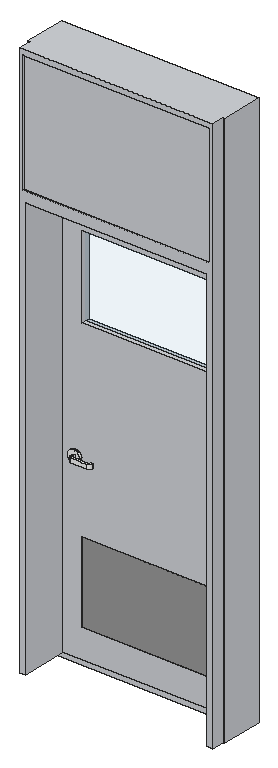
Revit family "Dor_片開き戸（幕板付）", category ドア, Revit 2020
Family settings
  ホスト = 壁
  常に垂直 = はい
  ロード時にボイドで切り取り = はい
  共有 = いいえ
  部屋計算ポイント = いいえ
Parameters (values of type "片開き戸（幕板付）")
  開口逃げ位置表示 [instance] = no
  金物_施錠方式(外) = ""
  金物_施錠方式(内) = ""
  金物_支持金物 = ""
  金物_操作金物 = ""
  金物_戸当り = ""
  金物_固定金物 = ""
  金物_フランス落し = ""
  金物_クローザー = ""
  逃げ_左 = 60 mm
  逃げ_右 = 60 mm
  解析用性能 = "<なし>"
  符号_建具記号 = ""
  符号_建具番号 = ""
  無目見付 = 40 mm
  法_随時閉鎖 = yes
  法_防火性能 = ""
  法_遮煙 = yes
  法_常時閉鎖 = yes
  沓摺表示 [instance] = yes
  文字_ガラス厚 = ""
  幕板高さ = 600 mm
  幕板_パネル = yes
  幕板_ガラス = not(幕板_パネル)  # no
  沓摺見込_Kc_Kd [instance] = 150 mm
  建枠下延長 [instance] = 0 mm
  ラベル_遮煙 = if(法_遮煙, "S", " ")  # "S"
  ラベル_法囲み = if(法_常時閉鎖, "□", if(法_随時閉鎖, "〇", " "))  # "□"
  ドア高さ = 2100 mm
  ドアパネルタイプ = DP_腰窓+ガラリ : 腰窓+ガラリ
  スリット/小窓位置：戸先 [instance] = no
  ガラス厚 = 6 mm
  オフセット_外側 [instance] = 50 mm
  hideFill_offset [instance] = オフセット_内側 + 2 mm + LOCK  # 52 mm
  calc_逃げ位置 [instance] = if(bWallThicknessOffset, calc_壁芯ずれ, 0 mm)  # 0 mm
  calc_無目D [instance] = if(幕板_ガラス, パネル厚, 0 mm)  # 0 mm
  calc_沓摺幅 = 幅 + 戸当見付 * 2  # 930 mm
  沓摺タイプ = Kb_沓摺 : Kb_沓摺
  次による断熱プロパティの定義 = スキーマティック タイプ
  枠見付内_F01 = 30 mm
  calc_枠見込内 [instance] = if(and(枠ちり内 = 0 mm, オフセット_内側 = 0 mm), 1 mm, 0 mm)  # 0 mm
  calc_枠見付内 = if(枠タイプ = 1, 枠見付内_F01, if(枠タイプ = 2, 枠見付 + 戸当見付, if(枠タイプ = 3, 枠見付 + 戸当見付, 枠見付)))  # 30 mm
  文字_額縁材質 = ""
  文字_額縁仕上 = ""
  文字_沓摺材質 = ""
  文字_沓摺仕上 = ""
  文字_枠材質 = ""
  文字_枠仕上 = ""
  文字_建具材質 = ""
  文字_建具仕上 = ""
  文字_取付場所 = ""
  文字_備考 = ""
  文字_パネル厚 = ""
  文字_ガラリ材質 = ""
  文字_ガラリ仕上 = ""
  文字_ガラス材質 = ""
  文字_アンダーカット = ""
  性能_遮音 = ""
  性能_気密 = ""
  形状_沓摺形状 = ""
  形状_枠形状 = ""
  形状_建具形式 = ""
  形状_ガラリ形状 = ""
  仕上げ厚 = 0 mm
  calc_幕板パネル高さ = 幕板高さ + 戸当見付  # 615 mm
  calc_壁芯ずれ [instance] = オフセット_内側 / 2 + オフセット_外側 / 2  # 50 mm
  calc_仕上げ厚 [instance] = if(and(オフセット_内側 = 0 mm, 仕上げ厚 = 0 mm), 11 mm, 仕上げ厚)  # 0 mm
  マテリアル_沓摺 = none
  マテリアル_枠 = none
  マテリアル_パネル = none
  マテリアル_ガラリ = none
  マテリアル_ガラス = ガラス - 透明
  パネル幅2 = 0 mm  # constant formula
  パネル幅1 = 幅 + 戸当見付 * 2  # 930 mm
  calc_ボイド高さ = if(枠タイプ = 2, H寸法 + 枠見付 + 戸当見付, H寸法 + 枠見付)  # 2780 mm
  calc_パネル中心位置 = パネル厚 / 2 + LOCK  # 22.5 mm
  ハンドル表示 [instance] = yes
  Keynote = ""
  オフセット_内側 [instance] = 50 mm
  bWallThicknessOffset = no
  bGlass&F02 = and(枠タイプ = 2, 幕板_ガラス)  # no
  bF01&F03 = not(枠タイプ = 2)  # yes
  W寸法 = 900 mm
  LOCK = 0 mm  # constant formula
  H寸法 = ドア高さ + 無目見付 + 幕板高さ + 戸当見付  # 2755 mm
  F02_片ひばた2 = 枠タイプ = 2  # no
  Function = (empty or 0)
  Description = ""
  枠タイプ = 1
  Rough Width = 0 mm
  高さ = H寸法 + LOCK  # 2755 mm
  枠見付 = 25 mm
  枠ちり外 = 10 mm
  枠ちり内 = 10 mm
  ハンドル_高さ = 900 mm
  ハンドル_オフセット = 80 mm
  戸当見込 = 45 mm
  戸当見付 = 15 mm
  Construction Type = ""
  Wall Closure = (empty or 0)
  幅 = W寸法 + LOCK  # 900 mm
  Rough Height = 0 mm
  パネル高 = ドア高さ + 戸当見付 - アンダーカット  # 2110 mm
  パネル幅 = パネル幅1 + LOCK  # 930 mm
  パネル厚 = 45 mm
  アンダーカット = 5 mm
  F01_片ひばた1 = 枠タイプ = 1  # yes
  F03_両ひばた = 枠タイプ = 3  # no
Reference planes
  plane 1: y = 0
  plane 2 "中心(左/右)": x = 0
  plane 3 "EXT.": y = 75
  plane 4 "内壁": y = -75
  plane 5 "左": x = -450
  plane 6 "右": x = 450
  plane 7 "上側": z = 2755
  plane 8: z = 0
  plane 9 "枠ちり外": y = 135
  plane 10 "左扉位置": x = -465
  plane 11 "枠外側左": x = -490
  plane 12 "枠内側左": x = -480
  plane 13 "仕上げ厚": y = -75
  plane 14 "右扉位置": x = 465
  plane 15 "枠外側右": x = 490
  plane 16 "枠内側右": x = 480
  plane 17 "枠見付上": z = 2780
  plane 18 "片ひばた2_枠見付": z = 2785
  plane 19: y = 90
  plane 20 "戸当見込": y = -90
  plane 21 "枠見付内左": x = -480
  plane 22 "枠見付内右": x = 480
  plane 23: z = 5
  plane 24: y = -125
  plane 25 "枠ちり内": y = -135
  plane 26 "パネル中心": y = 112.5
  plane 27: y = 65
  plane 28: y = -115
  plane 29: x = -495
  plane 30: x = 495
  plane 31: y = 65
  plane 32: y = -115
  plane 33 "枠見込内": y = -75
  plane 34: y = -130
  plane 35: y = 112.5
  plane 36 "壁芯": y = -50
  plane 37: z = 900
  plane 38: x = -385
  plane 39 "上枠戸当り": z = 2100
  plane 40 "無目下端": z = 2115
  plane 41 "無目上端": z = 2155
  plane 42: y = 100
  plane 43: z = 0
  plane 44 "ガラス位置": z = 2140
  plane 45 "オフセット外側": y = 125
  plane 46 "無目D": y = 135
  plane 47: y = 137
  plane 48: y = 133
  plane 49 "逃げ位置": y = 0
Forms (mm)
  Extrusion 1, void
    sketch origin (0, 0, 0) x (1, 0, 0) y (0, 1, 0)
      loop
        line (-480, -125) -> (480, -125) -> (480, -75) -> (-480, -75) -> (-480, -125)
    from 0 to 2780 <- "calc_ボイド高さ"
  Extrusion 2, void
    sketch origin (0, 0, 0) x (1, 0, 0) y (0, 1, 0)
      loop
        line (-490, 125) -> (-490, -75) -> (490, -75) -> (490, 125) -> (-490, 125)
    from 0 to 2780
  Sweep 3, solid, material <- "マテリアル_枠", visible <- "F01_片ひばた1", detail levels medium+fine
    path origin (0, 75, 0) x (1, 0, 0) y (0, 0, 1)
      loop
        line (450, 0) -> (450, 2100) -> (-450, 2100) -> (-450, 0)
    profile origin (450, 75, 1050) x (-1, 0, 0) y (0, -1, 0)
      loop
        line (-40, -60) -> (-15, -60) -> (-15, -15) -> (0, -15) -> (0, 210) -> (-30, 210) -> (-30, 150) -> (-40, 150) -> (-40, -60)
  Sweep 4, solid, material <- "マテリアル_枠", visible <- "F02_片ひばた2"
    path origin (0, 75, 0) x (1, 0, 0) y (0, 0, 1)
      loop
        line (450, 0) -> (450, 2100) -> (-450, 2100) -> (-450, 0)
    profile origin (450, 75, 1050) x (-1, 0, 0) y (0, -1, 0)
      loop
        line (-40, -60) -> (-15, -60) -> (-15, -15) -> (0, -15) -> (0, 210) -> (-40, 210) -> (-40, -60)
  Sweep 5, solid, material <- "マテリアル_枠", visible <- "F03_両ひばた"
    path origin (0, 75, 0) x (1, 0, 0) y (0, 0, 1)
      loop
        line (450, 0) -> (450, 2100) -> (-450, 2100) -> (-450, 0)
    profile origin (450, 75, 1050) x (-1, 0, 0) y (0, -1, 0)
      loop
        line (-40, -60) -> (-15, -60) -> (-15, -15) -> (0, -15) -> (0, 165) -> (-15, 165) -> (-15, 210) -> (-40, 210) -> (-40, -60)
  Extrusion 6, solid, material <- "マテリアル_枠", visible <- "F03_両ひばた"
    sketch origin (0, 0, 0) x (0, 1, 0) y (0, 0, 1)
      loop
        line (135, 2140) -> (135, 2155) -> (-135, 2155) -> (-135, 2140) -> (135, 2140)
    from -465 to 465
  Extrusion 7, solid, material "ガラス - 透明" <- "マテリアル_ガラス", visible <- "幕板_ガラス"
    sketch origin (0, 0, 0) x (1, 0, 0) y (0, 1, 0)
      loop
        line (-465, 90) -> (465, 90) -> (465, 100) -> (-465, 100) -> (-465, 90)
    from 2140 to 2755
  Extrusion 8, solid, material <- "マテリアル_枠", visible <- "F03_両ひばた"
    sketch origin (0, 135, 0) x (-1, 0, 0) y (0, 0, 1)
      loop
        line (-490, 2140) -> (-465, 2140) -> (-465, 2755) -> (465, 2755) -> (465, 2140) -> (490, 2140) -> (490, 2780) -> (-490, 2780) -> (-490, 2140)
    from 0 to -270
  Extrusion 9, solid, material <- "マテリアル_パネル", visible <- "幕板_パネル"
    sketch origin (0, 0, 0) x (0, 1, 0) y (0, 0, 1)
      loop
        line (132, 2755) -> (-132, 2755) -> (-132, 2155) -> (132, 2155) -> (132, 2755)
    from -465 to 465
  Extrusion 10, solid, material <- "マテリアル_枠", visible <- "F02_片ひばた2"
    sketch origin (0, 0, 0) x (0, 1, 0) y (0, 0, 1)
      loop
        line (135, 2140) -> (135, 2155) -> (-135, 2155) -> (-135, 2140) -> (135, 2140)
    from -465 to 465
  Extrusion 11, solid, material <- "マテリアル_枠", visible <- "F02_片ひばた2"
    sketch origin (0, 135, 0) x (-1, 0, 0) y (0, 0, 1)
      loop
        line (-490, 2140) -> (-465, 2140) -> (-465, 2755) -> (465, 2755) -> (465, 2140) -> (490, 2140) -> (490, 2780) -> (-490, 2780) -> (-490, 2140)
    from 0 to -270
  Extrusion 12, solid, material <- "マテリアル_枠", visible <- "F01_片ひばた1", detail levels medium+fine
    sketch origin (0, 0, 0) x (0, 1, 0) y (0, 0, 1)
      loop
        line (135, 2140) -> (135, 2155) -> (-135, 2155) -> (-135, 2140) -> (135, 2140)
    from -465 to 465
  Extrusion 13, solid, material <- "マテリアル_枠", visible <- "F01_片ひばた1", detail levels medium+fine
    sketch origin (0, 135, 0) x (-1, 0, 0) y (0, 0, 1)
      loop
        line (-490, 2140) -> (-465, 2140) -> (-465, 2755) -> (465, 2755) -> (465, 2140) -> (490, 2140) -> (490, 2780) -> (-490, 2780) -> (-490, 2140)
    from 0 to -210
  Extrusion 14, solid, material <- "マテリアル_枠", visible <- "F02_片ひばた2"
    sketch origin (0, -135, 0) x (-1, 0, 0) y (0, 0, 1)
      loop
        line (465, 2755) -> (450, 2755) -> (450, 2155) -> (465, 2155) -> (465, 2755)
      loop
        line (-450, 2755) -> (-465, 2755) -> (-465, 2155) -> (-450, 2155) -> (-450, 2755)
    from 0 to 225
  Extrusion 15, solid, material <- "マテリアル_枠", visible <- "F02_片ひばた2"
    sketch origin (0, -135, 0) x (-1, 0, 0) y (0, 0, 1)
      loop
        line (490, 2785) -> (-490, 2785) -> (-490, 2780) -> (490, 2780) -> (490, 2785)
    from 60 to 0
  Extrusion 16, solid, material <- "マテリアル_枠", visible <- "F01_片ひばた1", detail levels medium+fine
    sketch origin (0, -135, 0) x (-1, 0, 0) y (0, 0, 1)
      loop
        line (480, 2130) -> (480, 2780) -> (-480, 2780) -> (-480, 2130) -> (480, 2130)
      loop
        line (-465, 2140) -> (465, 2140) -> (465, 2755) -> (-465, 2755) -> (-465, 2140)
    from 0 to 60
Cuts and joins
  joined: Sweep 5, Extrusion 6, Extrusion 8
  joined: Sweep 4, Extrusion 10, Extrusion 11, Extrusion 14, Extrusion 15
  joined: Sweep 3, Extrusion 12, Extrusion 13, Extrusion 16
Lines and regions (mm)
  Masking region 1
    outline origin (0, 0, 0) x (0, 1, 0) y (0, 0, 1)
      loop
        line (135, 2115) -> (90, 2115) -> (90, 5) -> (135, 5) -> (135, 2115)
  Masking region 2, visible <- "F01_片ひばた1", detail levels medium+fine
    outline origin (0, 0, 0) x (1, 0, 0) y (0, 1, 0)
      loop
        line (-490, -75) -> (-480, -75) -> (-480, -135) -> (-450, -135) -> (-450, 90) -> (-465, 90) -> (-465, 135) -> (-490, 135) -> (-490, -75)
      loop
        line (490, -75) -> (490, 135) -> (465, 135) -> (465, 90) -> (450, 90) -> (450, -135) -> (480, -135) -> (480, -75) -> (490, -75)
  Masking region 3, visible <- "F02_片ひばた2", detail levels medium+fine
    outline origin (0, 0, 0) x (1, 0, 0) y (0, 1, 0)
      loop
        line (-480, 135) -> (-480, -135) -> (-450, -135) -> (-450, 90) -> (-465, 90) -> (-465, 135) -> (-480, 135)
      loop
        line (490, 135) -> (465, 135) -> (465, 90) -> (450, 90) -> (450, -135) -> (490, -135) -> (490, 135)
  Masking region 4, detail levels coarse
    outline origin (0, 0, 0) x (1, 0, 0) y (0, 1, 0)
      loop
        line (-450, -130) -> (450, -130) -> (450, -125) -> (450, 125) -> (450, 130) -> (-450, 130) -> (-450, 125) -> (-450, -125) -> (-450, -130)
  Masking region 5, detail levels coarse
    outline origin (0, 0, 0) x (1, 0, 0) y (0, 1, 0)
      loop
        line (-495, 125) -> (-495, -125) -> (-450, -125) -> (-450, 125) -> (-495, 125)
      loop
        line (495, 125) -> (450, 125) -> (450, -125) -> (495, -125) -> (495, 125)
  Masking region 6, visible <- "F03_両ひばた", detail levels medium+fine
    outline origin (0, 0, 0) x (1, 0, 0) y (0, 1, 0)
      loop
        line (-490, 135) -> (-490, -135) -> (-465, -135) -> (-465, -90) -> (-450, -90) -> (-450, 90) -> (-465, 90) -> (-465, 135) -> (-490, 135)
      loop
        line (490, 135) -> (465, 135) -> (465, 90) -> (450, 90) -> (450, -90) -> (465, -90) -> (465, -135) -> (490, -135) -> (490, 135)
  Masking region 7, visible <- "F02_片ひばた2"
    outline origin (0, 0, 0) x (0, 1, 0) y (0, 0, 1)
      loop
        line (105, 2780) -> (105, 2782) -> (-53, 2782) -> (-53, 2787) -> (-105, 2787) -> (-105, 2785) -> (-135, 2785) -> (-135, 2755) -> (135, 2755) -> (135, 2780) -> (105, 2780)
  Masking region 8, visible <- "bF01&F03"
    outline origin (0, 0, 0) x (0, 1, 0) y (0, 0, 1)
      loop
        line (105, 2780) -> (105, 2782) -> (-105, 2782) -> (-105, 2780) -> (-135, 2780) -> (-135, 2755) -> (135, 2755) -> (135, 2780) -> (105, 2780)
  Masking region 9, visible <- "bGlass&F02"
    outline origin (0, 0, 0) x (0, 1, 0) y (0, 0, 1)
      loop
        line (133, 2155) -> (135, 2155) -> (137, 2155) -> (137, 2755) -> (133, 2755) -> (133, 2155)
  symbolic lines
    curve 1: line (0, 185, 0) -> (0, -185, 0)
  symbolic lines, style "DoorsGlassProjection", visible <- "幕板_ガラス"
    curve 2: line (0, 142.5, 2140) -> (0, 142.5, 2755)
Text (mm)
  text "EXT." at (-2295.016, 1099.543, 0), in view "基準レベル"
  text "外部" at (0, 1615.38, 3698.081), in view "左"
  text "外部" at (0, 1036.032, 3874.932), in view "右"
  text "内部" at (0, -1175.082, 3874.932), in view "右"
  text "内部" at (-2295.016, -1087.353, 0), in view "基準レベル"
Dimensions and locks
  equal spacing: plane 5 "左", plane 2 "中心(左/右)", plane 6 "右"
  locked: plane 3 "EXT." to host wall
  locked: plane 4 "内壁" to host wall
  "W寸法": plane 5 "左" to plane 6 "右"
  "H寸法": plane 8 to plane 7 "上側"
  "戸当見付": plane 10 "左扉位置" to plane 5 "左"
  "calc_枠見付内": plane 12 "枠内側左" to plane 5 "左"
  "枠見付": plane 11 "枠外側左" to plane 10 "左扉位置"
  "calc_仕上げ厚": plane 13 "仕上げ厚" to plane 4 "内壁"
  "枠見付": plane 15 "枠外側右" to plane 14 "右扉位置"
  "パネル厚": plane 9 "枠ちり外" to plane 19
  "戸当見付": plane 6 "右" to plane 14 "右扉位置"
  "calc_枠見付内": plane 6 "右" to plane 16 "枠内側右"
  "枠見付内_F01": plane 21 "枠見付内左" to plane 5 "左"
  "枠見付内_F01": plane 6 "右" to plane 22 "枠見付内右"
  "枠ちり内": plane 24 to plane 25 "枠ちり内"
  "オフセット_内側": plane 24 to plane 4 "内壁"
  "アンダーカット": plane 23 to plane 8
  equal spacing: plane 9 "枠ちり外", plane 26 "パネル中心", plane 19
  locked: plane 3 "EXT." to plane 27 at 10
  locked: plane 28 to plane 24 at 10
  locked: curve 1 to plane 9 "枠ちり外" at 50
  locked: plane 25 "枠ちり内" to curve 1 at 50
  plane 4 "内壁" to plane 3 "EXT." = 150 mm
  locked: plane 29 to plane 11 "枠外側左" at 5
  locked: plane 15 "枠外側右" to plane 30 at 5
  locked: plane 31 to plane 3 "EXT." at 10
  locked: plane 32 to plane 24 at 10
  locked: plane 24 to plane 34 at 5
  "calc_壁芯ずれ": plane 36 "壁芯" to plane 1
  "ハンドル_高さ": plane 37 to level
  "ハンドル_オフセット": plane 38 to plane 10 "左扉位置"
  plane 7 "上側" to plane 8 = 2755 mm
  "ドア高さ": plane 39 "上枠戸当り" to plane 8
  "戸当見付": plane 40 "無目下端" to plane 39 "上枠戸当り"
  "無目見付": plane 41 "無目上端" to plane 40 "無目下端"
  plane 7 "上側" to plane 41 "無目上端" = 600 mm  (x2)
  "建枠下延長": plane 8 to plane 43
  "calc_枠見込内": plane 33 "枠見込内" to plane 4 "内壁"
  locked: plane 42 to plane 19 at 10
  locked: plane 41 "無目上端" to plane 44 "ガラス位置" at 15
  "calc_パネル中心位置": plane 9 "枠ちり外" to plane 35
  "オフセット_外側": plane 3 "EXT." to plane 45 "オフセット外側"
  "枠ちり外": plane 9 "枠ちり外" to plane 45 "オフセット外側"
  locked: Masking region 4 sketch curve to plane 45 "オフセット外側" at 5
  plane 18 "片ひばた2_枠見付" to plane 17 "枠見付上" = 5 mm
  plane 41 "無目上端" to plane 44 "ガラス位置" = 15 mm
  "枠見付": plane 7 "上側" to plane 17 "枠見付上"
  "calc_枠見付内": plane 7 "上側" to plane 18 "片ひばた2_枠見付"
  "calc_無目D": plane 9 "枠ちり外" to plane 46 "無目D"
  locked: plane 9 "枠ちり外" to Extrusion 9 sketch curve at 3
  locked: Extrusion 9 sketch curve to plane 25 "枠ちり内" at 3
  locked: Masking region 8 sketch curve to plane 17 "枠見付上" at 2
  locked: Masking region 8 sketch curve to plane 25 "枠ちり内" at 30
  locked: plane 9 "枠ちり外" to Masking region 8 sketch curve at 30
  locked: Masking region 7 sketch curve to plane 17 "枠見付上" at 2
  locked: Masking region 7 sketch curve to plane 25 "枠ちり内" at 30
  locked: plane 9 "枠ちり外" to Masking region 7 sketch curve at 30
  locked: plane 44 "ガラス位置" to Sweep 3 at 10
  locked: curve 2 to plane 46 "無目D" at 7.5
  locked: Masking region 7 sketch curve to Masking region 7 sketch curve at 2
  "hideFill_offset": Masking region 7 sketch curve to Masking region 7 sketch curve
  locked: plane 47 to plane 46 "無目D" at 2
  locked: plane 46 "無目D" to plane 48 at 2
  "パネル厚": plane 20 "戸当見込" to plane 25 "枠ちり内"
  "calc_逃げ位置": host wall to plane 49 "逃げ位置"
  aligned and locked: plane 1 to host wall
  aligned and locked: level to plane 8
  aligned and locked: Extrusion 1 sketch curve to plane 12 "枠内側左"
  aligned and locked: plane 13 "仕上げ厚" to Extrusion 1 sketch curve
  aligned and locked: Extrusion 1 sketch curve to plane 16 "枠内側右"
  aligned and locked: plane 11 "枠外側左" to Extrusion 2 sketch curve
  aligned and locked: plane 13 "仕上げ厚" to Extrusion 2 sketch curve
  aligned and locked: plane 15 "枠外側右" to Extrusion 2 sketch curve
  aligned and locked: plane 6 "右" to Sweep 3 sketch curve  (x2)
  aligned and locked: Sweep 3 sketch curve to plane 5 "左"
  aligned and locked: Sweep 3 sketch curve to plane 13 "仕上げ厚"
  aligned and locked: plane 9 "枠ちり外" to Sweep 3 sketch curve
  aligned and locked: plane 19 to Sweep 3 sketch curve
  aligned and locked: plane 14 "右扉位置" to Sweep 3 sketch curve
  aligned and locked: Sweep 3 sketch curve to plane 15 "枠外側右"
  aligned and locked: plane 15 "枠外側右" to Sweep 4 sketch curve
  aligned and locked: plane 14 "右扉位置" to Sweep 5 sketch curve  (x2)
  aligned and locked: Sweep 5 sketch curve to plane 20 "戸当見込"
  aligned and locked: plane 22 "枠見付内右" to Sweep 3 sketch curve
  aligned and locked: Sweep 3 sketch curve to plane 25 "枠ちり内"
  aligned and locked: Sweep 4 sketch curve to plane 25 "枠ちり内"
  aligned and locked: plane 19 to Sweep 4 sketch curve
  aligned and locked: Sweep 5 sketch curve to plane 25 "枠ちり内"
  aligned and locked: Extrusion 1 to plane 24
  aligned and locked: Sweep 4 to Masking region 1 sketch curve
  aligned and locked: plane 2 "中心(左/右)" to nested 1
  aligned and locked: nested 1 to plane 26 "パネル中心"
  aligned and locked: plane 2 "中心(左/右)" to nested 2
  aligned and locked: Masking region 2 sketch curve to plane 9 "枠ちり外"
  aligned and locked: Masking region 2 sketch curve to plane 19
  aligned and locked: plane 25 "枠ちり内" to Masking region 2 sketch curve
  aligned and locked: plane 11 "枠外側左" to Masking region 2 sketch curve
  aligned and locked: plane 5 "左" to Masking region 2 sketch curve
  aligned and locked: Masking region 2 sketch curve to nested 2
  aligned and locked: plane 6 "右" to Masking region 2 sketch curve
  aligned and locked: Masking region 2 sketch curve to plane 15 "枠外側右"
  aligned and locked: plane 14 "右扉位置" to Masking region 2 sketch curve
  aligned and locked: Masking region 2 sketch curve to plane 21 "枠見付内左"
  aligned and locked: plane 21 "枠見付内左" to Masking region 2 sketch curve
  aligned and locked: plane 22 "枠見付内右" to Masking region 2 sketch curve  (x2)
  aligned and locked: plane 12 "枠内側左" to Masking region 3 sketch curve
  aligned and locked: plane 5 "左" to Masking region 4 sketch curve
  aligned and locked: Masking region 4 sketch curve to plane 6 "右"
  aligned and locked: Masking region 5 sketch curve to plane 29
  aligned and locked: Masking region 4 to Masking region 5 sketch curve
  aligned and locked: plane 6 "右" to Masking region 5 sketch curve
  aligned and locked: Masking region 5 sketch curve to plane 30
  aligned and locked: plane 24 to Masking region 5 sketch curve
  aligned and locked: Masking region 5 sketch curve to plane 24
  aligned and locked: plane 24 to Masking region 4 sketch curve  (x2)
  aligned and locked: Masking region 4 sketch curve to plane 34
  aligned and locked: nested 2 to Masking region 6 sketch curve
  aligned and locked: plane 14 "右扉位置" to Masking region 6 sketch curve
  aligned and locked: plane 20 "戸当見込" to Masking region 6 sketch curve  (x2)
  aligned and locked: Masking region 6 sketch curve to plane 20 "戸当見込"  (x2)
  aligned and locked: plane 19 to Sweep 5 sketch curve
  aligned and locked: plane 9 "枠ちり外" to Sweep 5 sketch curve
  aligned and locked: plane 9 "枠ちり外" to Sweep 4 sketch curve
  aligned and locked: plane 2 "中心(左/右)" to nested 3
  aligned and locked: plane 2 "中心(左/右)" to nested 4
  aligned and locked: plane 35 to nested 4
  aligned and locked: plane 26 "パネル中心" to nested 2
  aligned and locked: plane 2 "中心(左/右)" to nested 5
  aligned and locked: nested 5 to plane 8
  aligned and locked: plane 37 to nested 6
  aligned and locked: nested 6 to plane 38
  aligned and locked: nested 6 to plane 26 "パネル中心"
  aligned and locked: Extrusion 6 to plane 10 "左扉位置"
  aligned and locked: Extrusion 6 to plane 14 "右扉位置"
  aligned and locked: Extrusion 7 sketch curve to plane 14 "右扉位置"
  aligned and locked: Extrusion 7 sketch curve to plane 42
  aligned and locked: Masking region 1 sketch curve to plane 40 "無目下端"
  aligned and locked: plane 43 to Sweep 4 sketch curve  (x2)
  aligned and locked: plane 43 to Sweep 5 sketch curve  (x2)
  aligned and locked: plane 43 to Sweep 3 sketch curve  (x2)
  aligned and locked: plane 11 "枠外側左" to Masking region 6 sketch curve
  aligned and locked: Masking region 6 sketch curve to plane 15 "枠外側右"
  aligned and locked: Masking region 3 sketch curve to plane 15 "枠外側右"
  aligned and locked: Extrusion 7 sketch curve to plane 10 "左扉位置"
  aligned and locked: Sweep 5 sketch curve to plane 39 "上枠戸当り"
  aligned and locked: Sweep 4 sketch curve to plane 39 "上枠戸当り"
  aligned and locked: Sweep 3 sketch curve to plane 39 "上枠戸当り"
  aligned and locked: Extrusion 6 sketch curve to plane 44 "ガラス位置"
  aligned and locked: Extrusion 7 to plane 7 "上側"
  aligned and locked: plane 17 "枠見付上" to Extrusion 2
  aligned and locked: Masking region 2 sketch curve to plane 13 "仕上げ厚"
  aligned and locked: plane 13 "仕上げ厚" to Masking region 2 sketch curve
  aligned and locked: plane 45 "オフセット外側" to Masking region 4 sketch curve  (x2)
  aligned and locked: Masking region 5 sketch curve to plane 45 "オフセット外側"
  aligned and locked: plane 45 "オフセット外側" to Masking region 5 sketch curve
  aligned and locked: Extrusion 7 to plane 44 "ガラス位置"
  aligned and locked: Extrusion 8 to plane 25 "枠ちり内"
  aligned and locked: plane 46 "無目D" to Extrusion 6 sketch curve
  aligned and locked: plane 15 "枠外側右" to Extrusion 8 sketch curve
  aligned and locked: plane 11 "枠外側左" to Extrusion 8 sketch curve
  aligned and locked: Extrusion 8 sketch curve to plane 10 "左扉位置"
  aligned and locked: Extrusion 8 sketch curve to plane 14 "右扉位置"
  aligned and locked: Extrusion 8 sketch curve to plane 17 "枠見付上"
  aligned and locked: Extrusion 8 sketch curve to plane 7 "上側"
  aligned and locked: plane 44 "ガラス位置" to Extrusion 8 sketch curve  (x2)
  aligned and locked: plane 7 "上側" to Extrusion 9 sketch curve
  aligned and locked: plane 41 "無目上端" to Extrusion 9 sketch curve
  aligned and locked: Extrusion 9 to plane 14 "右扉位置"
  aligned and locked: Extrusion 9 to plane 10 "左扉位置"
  aligned and locked: Masking region 7 sketch curve to Masking region 7 sketch curve  (x2)
  aligned and locked: Masking region 8 sketch curve to Masking region 8 sketch curve
  aligned and locked: plane 9 "枠ちり外" to Masking region 8 sketch curve
  aligned and locked: plane 7 "上側" to Masking region 8 sketch curve
  aligned and locked: Masking region 8 sketch curve to plane 25 "枠ちり内"
  aligned and locked: plane 17 "枠見付上" to Masking region 8 sketch curve  (x2)
  aligned and locked: plane 18 "片ひばた2_枠見付" to Masking region 7 sketch curve
  aligned and locked: Masking region 7 sketch curve to plane 25 "枠ちり内"
  aligned and locked: plane 9 "枠ちり外" to Masking region 7 sketch curve
  aligned and locked: plane 7 "上側" to Masking region 7 sketch curve
  aligned and locked: plane 5 "左" to Extrusion 14 sketch curve
  aligned and locked: plane 10 "左扉位置" to Extrusion 14 sketch curve
  aligned and locked: Extrusion 14 sketch curve to plane 6 "右"
  aligned and locked: plane 14 "右扉位置" to Extrusion 14 sketch curve
  aligned and locked: plane 11 "枠外側左" to Extrusion 15 sketch curve
  aligned and locked: plane 15 "枠外側右" to Extrusion 15 sketch curve
  aligned and locked: Extrusion 15 sketch curve to plane 18 "片ひばた2_枠見付"
  aligned and locked: plane 17 "枠見付上" to Extrusion 15 sketch curve
  aligned and locked: Extrusion 15 to plane 25 "枠ちり内"
  aligned and locked: plane 19 to Extrusion 14
  aligned and locked: Extrusion 10 sketch curve to plane 25 "枠ちり内"
  aligned and locked: plane 46 "無目D" to Extrusion 10 sketch curve
  aligned and locked: Extrusion 10 sketch curve to plane 44 "ガラス位置"
  aligned and locked: cut or joined group of Sweep 4, Extrusion 10, Extrusion 11, Extrusion 14, Extrusion 15 to plane 14 "右扉位置"
  aligned and locked: cut or joined group of Sweep 4, Extrusion 10, Extrusion 11, Extrusion 14, Extrusion 15 to plane 10 "左扉位置"
  aligned and locked: Extrusion 13 to plane 13 "仕上げ厚"
  aligned and locked: Extrusion 16 sketch curve to plane 7 "上側"
  aligned and locked: Extrusion 16 sketch curve to plane 14 "右扉位置"
  aligned and locked: Extrusion 16 sketch curve to plane 22 "枠見付内右"
  aligned and locked: Extrusion 16 sketch curve to plane 21 "枠見付内左"
  aligned and locked: Extrusion 16 sketch curve to plane 17 "枠見付上"
  aligned and locked: plane 13 "仕上げ厚" to Extrusion 16
  aligned and locked: Extrusion 16 sketch curve to Sweep 3
  aligned and locked: Sweep 3 to Extrusion 16 sketch curve
  aligned and locked: plane 44 "ガラス位置" to Extrusion 16 sketch curve
  aligned and locked: plane 46 "無目D" to Extrusion 12 sketch curve
  aligned and locked: Extrusion 12 sketch curve to plane 25 "枠ちり内"
  aligned and locked: Extrusion 12 sketch curve to plane 44 "ガラス位置"
  aligned and locked: Extrusion 12 sketch curve to plane 41 "無目上端"
  aligned and locked: Extrusion 12 to plane 10 "左扉位置"
  aligned and locked: Extrusion 12 to plane 14 "右扉位置"
  aligned and locked: cut or joined group of Sweep 4, Extrusion 10, Extrusion 11, Extrusion 14, Extrusion 15 to plane 25 "枠ちり内"
  aligned and locked: Extrusion 2 sketch curve to plane 45 "オフセット外側"
  aligned and locked: cut or joined group of Sweep 4, Extrusion 10, Extrusion 11, Extrusion 14, Extrusion 15 to plane 4 "内壁"
  aligned and locked: plane 41 "無目上端" to Masking region 9 sketch curve
  aligned and locked: Masking region 9 sketch curve to Masking region 9 sketch curve
  aligned and locked: Masking region 9 sketch curve to plane 47
  aligned and locked: plane 46 "無目D" to Masking region 9 sketch curve
  aligned and locked: nested 3 to plane 49 "逃げ位置"
Automatic sketch dimensions
  plane 5 "左" to Sweep 4 sketch curve = 0 mm
  plane 6 "右" to Sweep 4 sketch curve = 0 mm
  Sweep 4 sketch curve to profile plane = 0 mm
  profile plane to Sweep 4 sketch curve = 15 mm
  plane 5 "左" to Sweep 5 sketch curve = 0 mm
  plane 6 "右" to Sweep 5 sketch curve = 0 mm
  Sweep 5 sketch curve to profile plane = 0 mm
  profile plane to Sweep 5 sketch curve = 15 mm
  Sweep 5 sketch curve to Sweep 5 sketch curve = 25 mm
  curve 1 to plane 2 "中心(左/右)" = 0 mm
  host wall to Extrusion 1 sketch curve = 50 mm
  Masking region 1 sketch curve to plane 19 = 0 mm
  Masking region 1 sketch curve to plane 23 = 0 mm
  Masking region 6 sketch curve to plane 9 "枠ちり外" = 0 mm  (x2)
  Masking region 6 sketch curve to plane 10 "左扉位置" = 0 mm
  Masking region 6 sketch curve to plane 5 "左" = 0 mm
  Masking region 6 sketch curve to plane 6 "右" = 0 mm
  Masking region 6 sketch curve to plane 14 "右扉位置" = 0 mm
  Masking region 6 sketch curve to plane 25 "枠ちり内" = 0 mm  (x2)
  Masking region 6 sketch curve to plane 19 = 0 mm  (x2)
  Masking region 2 sketch curve to plane 25 "枠ちり内" = 0 mm
  Masking region 2 sketch curve to plane 19 = 0 mm
  Masking region 2 sketch curve to plane 9 "枠ちり外" = 0 mm
  Masking region 3 sketch curve to plane 10 "左扉位置" = 0 mm
  Masking region 3 sketch curve to plane 5 "左" = 0 mm
  Masking region 3 sketch curve to plane 6 "右" = 0 mm
  Masking region 3 sketch curve to plane 14 "右扉位置" = 0 mm
  Masking region 3 sketch curve to plane 25 "枠ちり内" = 0 mm  (x2)
  Masking region 3 sketch curve to plane 19 = 0 mm  (x2)
  Masking region 3 sketch curve to plane 9 "枠ちり外" = 0 mm  (x2)
  Extrusion 6 sketch curve to plane 41 "無目上端" = 0 mm
  Extrusion 7 sketch curve to plane 19 = 0 mm
  Extrusion 6 sketch curve to plane 25 "枠ちり内" = 0 mm
  Extrusion 10 sketch curve to plane 41 "無目上端" = 0 mm
  plane 15 "枠外側右" to Extrusion 11 sketch curve = 0 mm
  plane 14 "右扉位置" to Extrusion 11 sketch curve = 0 mm
  Extrusion 11 sketch curve to plane 7 "上側" = 0 mm
  Extrusion 11 sketch curve to plane 10 "左扉位置" = 0 mm
  Extrusion 11 sketch curve to plane 11 "枠外側左" = 0 mm
  Extrusion 11 sketch curve to plane 44 "ガラス位置" = 0 mm  (x2)
  Extrusion 11 sketch curve to plane 17 "枠見付上" = 0 mm
  plane 15 "枠外側右" to Extrusion 13 sketch curve = 0 mm
  plane 14 "右扉位置" to Extrusion 13 sketch curve = 0 mm
  Extrusion 13 sketch curve to plane 7 "上側" = 0 mm
  Extrusion 13 sketch curve to plane 10 "左扉位置" = 0 mm
  Extrusion 13 sketch curve to plane 11 "枠外側左" = 0 mm
  Extrusion 13 sketch curve to plane 44 "ガラス位置" = 0 mm  (x2)
  Extrusion 13 sketch curve to plane 17 "枠見付上" = 0 mm
  Extrusion 14 sketch curve to plane 41 "無目上端" = 0 mm  (x2)
  Extrusion 14 sketch curve to plane 7 "上側" = 0 mm  (x2)
  Extrusion 16 sketch curve to plane 10 "左扉位置" = 0 mm
  plane 7 "上側" to curve 2 = 0 mm
  curve 2 to plane 44 "ガラス位置" = 0 mm
  plane 7 "上側" to Masking region 9 sketch curve = 0 mm
  Masking region 7 sketch curve to plane 17 "枠見付上" = 0 mm
  Masking region 9 sketch curve to Masking region 9 sketch curve = 2 mm
Nested families
  nested 1: "Kb_沓摺" at (0, 112.5, 0), アンダーカット <- "アンダーカット", パネル厚 <- "パネル厚", 沓摺材質 <- "マテリアル_沓摺", type <- "沓摺タイプ", visible <- "沓摺表示", パネル幅 <- "calc_沓摺幅", 沓摺見込 <- "沓摺見込_Kc_Kd", type "Kb_沓摺"
    with 沓摺見込 150 mm, 沓摺材質 none, パネル幅 930 mm, パネル厚 45 mm, アンダーカット 5 mm
  nested 2: "平面_片開き戸" at (0, 135, 0), type "平面_片開き戸"
    with 開口幅 900 mm, パネル幅 930 mm
  nested 3: "平面_逃げ位置" at (0, 0, 0), visible <- "開口逃げ位置表示", 幅 <- "幅", 逃げ_右 <- "逃げ_右", 逃げ_左 <- "逃げ_左", type "平面_逃げ位置"
    with 逃げ_左 60 mm, 逃げ_右 60 mm, 幅 900 mm
  nested 4: "DP_腰窓+ガラリ" at (0, 112.5, 0) x (-1, 0, 0) z (0, 0, 1), マテリアル_パネル <- "マテリアル_パネル", 幅 <- "パネル幅1", 高さ <- "パネル高", Thickness <- "パネル厚", type <- "ドアパネルタイプ", アンダーカット <- "アンダーカット", マテリアル_ガラス <- "マテリアル_ガラス", マテリアル_ガラリ <- "マテリアル_ガラリ", スリット/小窓位置：戸先 <- "スリット/小窓位置：戸先", ガラス厚 <- "ガラス厚", type "腰窓+ガラリ"
    with 高さ 2110 mm, 幅 930 mm, built-in parameter 1001302 45 mm, マテリアル_パネル none, マテリアル_ガラリ none, マテリアル_ガラス ガラス - 透明, スリット/小窓位置：戸先 no, ガラス厚 6 mm, アンダーカット 5 mm, calc_窓W 710 mm, calc_窓H 415 mm
  nested 5: "立面_スイング_開き戸" at (0, -75, 0) x (1, 0, 0) z (0, -1, 0), パネル幅 <- "パネル幅1", パネル高 <- "パネル高", アンダーカット <- "アンダーカット", type "立面_スイング_開き戸"
    with パネル高 2110 mm, パネル幅 930 mm, アンダーカット 5 mm
  nested 6: "Ha_ハンドル" at (-385, 112.5, 900), visible <- "ハンドル表示", type "Ha_ハンドル"
    with パネル厚 45 mm
Definition of nested family "Kb_沓摺"
  Parameters (values of type "Kb_沓摺")
    沓摺材質 [instance] = none
    Default Elevation = 0 mm
    沓摺見込 [instance] = 150 mm
    パネル幅 [instance] = 830 mm
    パネル厚 [instance] = 45 mm
    アンダーカット [instance] = 5 mm
  Reference planes
    plane 1 "中心(正面/背面)": y = 0
    plane 2: z = 0
    plane 3 "中心(左/右)": x = 0
    plane 4 "パネル内側": y = -22.5
    plane 5: x = -415
    plane 6: x = 415
    plane 7: z = 5
    plane 8: z = 3
    plane 9 "パネル外側": y = 22.5
    plane 10: z = -20
  Forms (mm)
    Extrusion 1, solid, material <- "沓摺材質"
      sketch origin (0, 0, 0) x (0, 1, 0) y (0, 0, 1)
        loop
          line (22.5, -20) -> (22.5, 3) -> (-22.5, 3) -> (-22.5, -20) -> (22.5, -20)
      from -415 to 415
  Lines and regions (mm)
    Masking region 1
      outline origin (0, 0, 0) x (0, 1, 0) y (0, 0, 1)
        loop
          line (22.5, -20) -> (22.5, 3) -> (-22.5, 3) -> (-22.5, -20) -> (22.5, -20)
  Dimensions and locks
    "パネル幅": plane 5 to plane 6
    equal spacing: plane 5, plane 3 "中心(左/右)", plane 6
    "アンダーカット": plane 7 to plane 2
    locked: plane 7 to plane 8 at 2
    equal spacing: plane 9 "パネル外側", plane 1 "中心(正面/背面)", plane 4 "パネル内側"
    "パネル厚": plane 9 "パネル外側" to plane 4 "パネル内側"
    locked: plane 7 to plane 10 at 25
    aligned and locked: level to plane 2
    aligned and locked: plane 10 to Extrusion 1 sketch curve
    aligned and locked: Extrusion 1 sketch curve to plane 9 "パネル外側"
    aligned and locked: Extrusion 1 sketch curve to plane 8
    aligned and locked: plane 4 "パネル内側" to Extrusion 1 sketch curve
    aligned and locked: plane 6 to Extrusion 1
    aligned and locked: Extrusion 1 to plane 5
    aligned and locked: Masking region 1 sketch curve to plane 9 "パネル外側"
    aligned and locked: plane 4 "パネル内側" to Masking region 1 sketch curve
    aligned and locked: Masking region 1 sketch curve to plane 8
    aligned and locked: plane 10 to Masking region 1 sketch curve
    aligned and locked: plane 5 to Extrusion 1
    aligned and locked: Extrusion 1 to plane 6
Definition of nested family "DP_腰窓+ガラリ"
  Parameters (values of type "腰窓+ガラリ")
    Height [instance] = 1995 mm
    Analytic Construction = "<なし>"
    窓位置_戸先 = 110 mm
    窓位置_戸尻 = 110 mm
    Define Thermal Properties by = 1
    Thickness [instance] = 40 mm
    窓腰高 = 1500 mm
    マテリアル_パネル [instance] = none
    マテリアル_ガラリ [instance] = none
    マテリアル_ガラス [instance] = none
    スリット/小窓位置：戸先 [instance] = yes
    ガラリ位置_下 = 150 mm
    窓位置_上 = 200 mm
    Width [instance] = 800 mm
    ガラリH = 400 mm
    ガラス厚 [instance] = 6 mm
    アンダーカット [instance] = 5 mm
    calc_窓W [instance] = Width - 窓位置_戸先 - 窓位置_戸尻  # 580 mm
    calc_窓H [instance] = (Height + アンダーカット) - 窓腰高 - 窓位置_上  # 300 mm
  Reference planes
    plane 1 "中心(正面/背面)": y = 0
    plane 2 "下": z = 0
    plane 3 "中心(左/右)": x = 0
    plane 4 "右": x = 400
    plane 5 "左": x = -400
    plane 6 "前面": y = 20
    plane 7 "背面": y = -20
    plane 8 "上": z = 2000
    plane 9 "框左": x = -290
    plane 10 "框右": x = 290
    plane 11 "ガラス下": z = 1500
    plane 12 "框上": z = 1800
    plane 13 "ガラリ上": z = 550
    plane 14 "框下": z = 150
    plane 15 "窓中央": x = 0
    plane 16: z = 5
  Forms (mm)
    Extrusion 1, solid, material <- "マテリアル_パネル"
      sketch origin (0, 0, 0) x (1, 0, 0) y (0, 0, 1)
        loop
          line (-400, 2000) -> (-400, 5) -> (400, 5) -> (400, 2000) -> (-400, 2000)
        loop
          line (-290, 1800) -> (-290, 1500) -> (290, 1500) -> (290, 1800) -> (-290, 1800)
        loop
          line (-290, 550) -> (-290, 150) -> (290, 150) -> (290, 550) -> (-290, 550)
      from -20 to 20
    Extrusion 2, solid, material <- "マテリアル_ガラリ"
      sketch origin (0, 0, 0) x (1, 0, 0) y (0, 0, 1)
        loop
          line (-290, 550) -> (-290, 150) -> (290, 150) -> (290, 550) -> (-290, 550)
      from -20 to 20
  Dimensions and locks
    equal spacing: plane 5 "左", plane 3 "中心(左/右)", plane 4 "右"
    "Width": plane 5 "左" to plane 4 "右"
    equal spacing: plane 6 "前面", plane 1 "中心(正面/背面)", plane 7 "背面"
    "Thickness": plane 6 "前面" to plane 7 "背面"
    "窓位置_上": plane 8 "上" to plane 12 "框上"
    "窓腰高": plane 11 "ガラス下" to level
    "窓位置_戸先": plane 4 "右" to plane 10 "框右"
    "窓位置_戸尻": plane 9 "框左" to plane 5 "左"
    "ガラリ位置_下": plane 14 "框下" to level
    "ガラリH": plane 13 "ガラリ上" to plane 14 "框下"
    equal spacing: plane 9 "框左", plane 15 "窓中央", plane 10 "框右"
    "アンダーカット": plane 16 to plane 2 "下"
    "Height": plane 8 "上" to plane 16
    aligned and locked: level to plane 2 "下"
    aligned and locked: Extrusion 1 sketch curve to plane 8 "上"
    aligned and locked: plane 5 "左" to Extrusion 1 sketch curve
    aligned and locked: Extrusion 1 sketch curve to plane 4 "右"
    aligned and locked: plane 6 "前面" to Extrusion 1
    aligned and locked: Extrusion 1 to plane 7 "背面"
    aligned and locked: Extrusion 1 sketch curve to plane 12 "框上"
    aligned and locked: plane 9 "框左" to Extrusion 1 sketch curve  (x2)
    aligned and locked: plane 11 "ガラス下" to Extrusion 1 sketch curve
    aligned and locked: plane 10 "框右" to Extrusion 1 sketch curve  (x2)
    aligned and locked: Extrusion 1 sketch curve to plane 13 "ガラリ上"
    aligned and locked: plane 14 "框下" to Extrusion 1 sketch curve
    aligned and locked: Extrusion 2 sketch curve to Extrusion 1  (x4)
    aligned and locked: plane 6 "前面" to Extrusion 2
    aligned and locked: Extrusion 2 to plane 7 "背面"
    aligned and locked: plane 15 "窓中央" to nested 1
    aligned and locked: nested 1 to plane 1 "中心(正面/背面)"
    aligned and locked: plane 16 to Extrusion 1 sketch curve
  Nested families
    nested 1: "DPw_ガラス" at (0, 15, 1500), built-in parameter 1001364 <- "窓腰高", Height <- "calc_窓H", Width <- "calc_窓W", Thickness <- "ガラス厚", マテリアル_ガラス <- "マテリアル_ガラス", type "ガラス"
      with Height 300 mm, Width 580 mm, Thickness 6 mm, マテリアル_ガラス none
  Definition of nested family "DPw_ガラス"
    Parameters (values of type "DPw_ガラス")
      Define Thermal Properties by = 1
      Visual Light Transmittance = 0.9
      Solar Heat Gain Coefficient = 0.78
      Height [instance] = 1000 mm
      Heat Transfer Coefficient (U) = 3.6886 W/(m²·K)
      Width [instance] = 800 mm
      Analytic Construction = "1/8 インチ ピルキントン一重ガラス"
      Thickness [instance] = 6 mm
      マテリアル_ガラス [instance] = none
    Reference planes
      plane 1 "中心(正面/背面)": y = -15
      plane 2 "下": z = 0
      plane 3 "中心(左/右)": x = 0
      plane 4 "左": x = -400
      plane 5 "右": x = 400
      plane 6 "上": z = 1000
      plane 7: y = -12
      plane 8: y = -18
      plane 9: z = 500
    Forms (mm)
      Extrusion 1, solid, material <- "マテリアル_ガラス"
        sketch origin (0, -15, 0) x (1, 0, 0) y (0, 0, 1)
          loop
            line (-400, 0) -> (400, 0) -> (400, 1000) -> (-400, 1000) -> (-400, 0)
        from -3 to 3
    Lines and regions (mm)
      symbolic lines, detail levels medium+fine
        curve 1: line (400, -15, 0) -> (-400, -15, 0)
      symbolic lines, detail levels fine
        curve 2: line (0, -15, 1000) -> (0, -15, 0)
    Dimensions and locks
      equal spacing: plane 4 "左", plane 3 "中心(左/右)", plane 5 "右"
      "Width": plane 4 "左" to plane 5 "右"
      "Height": plane 6 "上" to plane 2 "下"
      equal spacing: plane 6 "上", plane 9, plane 2 "下"
      "Thickness": plane 8 to plane 7
      equal spacing: plane 8, plane 1 "中心(正面/背面)", plane 7
      plane 2 "下" to level = 0 mm
      aligned and locked: plane 5 "右" to Extrusion 1
      aligned and locked: Extrusion 1 to plane 4 "左"
      aligned and locked: Extrusion 1 to plane 7
      aligned and locked: plane 8 to Extrusion 1
      aligned and locked: curve 1 to plane 1 "中心(正面/背面)"
      aligned and locked: plane 4 "左" to curve 1
      aligned and locked: Extrusion 1 to curve 1
      aligned and locked: plane 6 "上" to Extrusion 1
      aligned and locked: plane 2 "下" to curve 2
      aligned and locked: plane 6 "上" to curve 2
      aligned and locked: Extrusion 1 to plane 2 "下"
    Automatic sketch dimensions
      Extrusion 1 sketch curve to plane 4 "左" = 0 mm
      Extrusion 1 sketch curve to plane 5 "右" = 0 mm
      level to Extrusion 1 sketch curve = 0 mm
      Extrusion 1 sketch curve to plane 6 "上" = 0 mm
      curve 2 to plane 1 "中心(正面/背面)" = 0 mm
Definition of nested family "Ha_ハンドル"
  Parameters (values of type "Ha_ハンドル")
    Analytic Construction = "<なし>"
    Define Thermal Properties by = 1
    ハンドル = none
    パネル厚 = 40 mm
    Keynote = "08730.A5"
    Function = (empty or 0)
  Reference planes
    plane 1 "中心(正面/背面)": y = 0
    plane 2: z = 0
    plane 3 "中心(左/右)": x = 0
    plane 4: y = 20
    plane 5: y = -20
    plane 6: x = 100
    plane 7: y = 30
    plane 8: y = 55
  Forms (mm)
    Extrusion 1, solid, material <- "ハンドル"
      sketch origin (0, 0, 0) x (1, 0, 0) y (0, 0, 1)
        loop
          circle (0, 0) r 30
      from 20 to 30
    Sweep 2, solid, material <- "ハンドル"
      path origin (0, 5, 0) x (1, 0, 0) y (0, 1, 0)
        loop
          line (0, -35) -> (0, -50)
          arc (0, -50) -> (2.929, -57.071) -> (10, -60) r 10
          line (10, -60) -> (90, -60)
          arc (90, -60) -> (97.071, -57.071) -> (100, -50) r 10
          line (100, -50) -> (100, -45)
      profile origin (0, -37.5, 0) x (1, 0, 0) y (0, 0, 1)
        loop
          line (-5, -10) -> (5, -10) -> (5, 10) -> (-5, 10) -> (-5, -10)
    Extrusion 3, solid, material <- "ハンドル"
      sketch origin (0, 0, 0) x (1, 0, 0) y (0, 0, -1)
        loop
          circle (0, 0) r 30
      from 20 to 30
    Sweep 4, solid, material <- "ハンドル"
      path origin (0, -5, 0) x (1, 0, 0) y (0, -1, 0)
        loop
          line (0, -35) -> (0, -50)
          arc (0, -50) -> (2.929, -57.071) -> (10, -60) r 10
          line (10, -60) -> (90, -60)
          arc (90, -60) -> (97.071, -57.071) -> (100, -50) r 10
          line (100, -50) -> (100, -45)
      profile origin (0, 37.5, 0) x (-1, 0, 0) y (0, 0, 1)
        loop
          line (5, -10) -> (5, 10) -> (-5, 10) -> (-5, -10) -> (5, -10)
  Dimensions and locks
    equal spacing: plane 5, plane 1 "中心(正面/背面)", plane 4
    "パネル厚": plane 5 to plane 4
    locked: Extrusion 1 to plane 5 at 10
    equal spacing: Sweep 2 sketch curve, plane 3 "中心(左/右)", Sweep 2 sketch curve
    equal spacing: Sweep 2 sketch curve, level, Sweep 2 sketch curve
    locked: plane 7 to plane 4 at 10
    locked: plane 8 to plane 4 at 35
    Sweep 4 sketch curve to Sweep 4 sketch curve = 10 mm
    Sweep 4 sketch curve to Sweep 4 sketch curve = 20 mm
    aligned and locked: Extrusion 1 to plane 5
    aligned and locked: Extrusion 1 to Sweep 2 sketch curve
    aligned and locked: plane 7 to Extrusion 3
    aligned and locked: plane 4 to Extrusion 3
  Automatic sketch dimensions
    Extrusion 1 sketch curve to level = 0 mm
    Extrusion 1 sketch curve to plane 3 "中心(左/右)" = 0 mm
    Sweep 2 sketch curve to plane 3 "中心(左/右)" = 0 mm
    Sweep 2 sketch curve to plane 6 = 0 mm
    plane 3 "中心(左/右)" to Sweep 2 sketch curve = 10 mm
    Sweep 2 sketch curve to plane 6 = 10 mm
    plane 5 to Sweep 2 sketch curve = 20 mm
    Sweep 2 sketch curve to Sweep 2 sketch curve = 5 mm
    profile plane to Sweep 2 sketch curve = 5 mm
    Sweep 2 sketch curve to level = 10 mm
    Extrusion 3 sketch curve to level = 0 mm
    Extrusion 3 sketch curve to plane 3 "中心(左/右)" = 0 mm
    Sweep 4 sketch curve to plane 3 "中心(左/右)" = 0 mm
    Sweep 4 sketch curve to plane 8 = 0 mm
    Sweep 4 sketch curve to plane 6 = 0 mm
    Sweep 4 sketch curve to plane 7 = 0 mm
    Sweep 4 sketch curve to plane 3 "中心(左/右)" = 10 mm
    plane 6 to Sweep 4 sketch curve = 10 mm
    Sweep 4 sketch curve to Sweep 4 sketch curve = 5 mm
    profile plane to Sweep 4 sketch curve = 5 mm
    Sweep 4 sketch curve to profile plane = 5 mm
    Sweep 4 sketch curve to level = 10 mm
    level to Sweep 4 sketch curve = 10 mm
    radius of Extrusion 1 sketch curve = 30 mm
    radius of Extrusion 3 sketch curve = 30 mm
Definition of nested family "平面_片開き戸"
  Parameters (values of type "平面_片開き戸")
    開口幅 = 800 mm
    枠ちり外 = 10 mm
    戸当見付 = 15 mm
    パネル幅 = 開口幅 + 戸当見付 * 2  # 830 mm
    パネル厚 = 45 mm
  Reference planes
    plane 1 "中心(正面/背面)": y = 0
    plane 2: z = 0
    plane 3 "中心(左/右)": x = 0
    plane 4: x = -400
    plane 5: x = 400
    plane 6: x = -415
    plane 7: x = 415
    plane 8: y = -45
    plane 9: y = 830
    plane 10: y = 790
    plane 11: y = -10
    plane 12 "パネル中心": y = -22.5
  Lines and regions (mm)
    Masking region 1, in view "基準レベル", detail levels medium+fine
      outline origin (0, 0, 0) x (1, 0, 0) y (0, 1, 0)
        loop
          line (-415, -45) -> (415, -45) -> (415, 0) -> (-415, 0) -> (-415, -45)
    detail lines, in view "基準レベル", detail levels medium+fine
      curve 1: line (415, 0, 0) -> (415, 830, 0)
      curve 2: arc (-415, 0, 0) -> (-171.899, 586.899, 0) -> (415, 830, 0) r 830
    detail lines, in view "基準レベル", detail levels coarse
      curve 3: line (400, -10, 0) -> (400, 790, 0)
      curve 4: arc (-400, -10, 0) -> (-165.685, 555.685, 0) -> (400, 790, 0) r 800
  Dimensions and locks
    equal spacing: plane 4, plane 3 "中心(左/右)", plane 5
    "開口幅": plane 4 to plane 5
    "戸当見付": plane 6 to plane 4
    "戸当見付": plane 5 to plane 7
    "パネル厚": plane 8 to plane 1 "中心(正面/背面)"
    "パネル幅": plane 1 "中心(正面/背面)" to plane 9
    "枠ちり外": plane 11 to plane 1 "中心(正面/背面)"
    "開口幅": plane 10 to plane 11
    equal spacing: plane 1 "中心(正面/背面)", plane 12 "パネル中心", plane 8
    "パネル幅": radius of curve 2
    "開口幅": radius of curve 4
    angle curve 2 to curve 2 = 90.00°
    aligned and locked: Masking region 1 sketch curve to plane 8
    aligned and locked: Masking region 1 sketch curve to plane 6
    aligned and locked: Masking region 1 sketch curve to plane 1 "中心(正面/背面)"
    aligned and locked: plane 7 to Masking region 1 sketch curve
    aligned and locked: plane 1 "中心(正面/背面)" to curve 1
    aligned and locked: Masking region 1 to curve 2
    aligned and locked: plane 9 to curve 2
    aligned and locked: plane 5 to curve 3
  Automatic sketch dimensions
    curve 2 to plane 6 = 0 mm
    curve 4 to plane 11 = 0 mm
    curve 3 to plane 11 = 0 mm
Definition of nested family "平面_逃げ位置"
  Parameters (values of type "平面_逃げ位置")
    逃げ_左 [instance] = 40 mm
    逃げ_右 [instance] = 40 mm
    幅 [instance] = 1000 mm
  Reference planes
    plane 1 "中心(正面/背面)": y = 0
    plane 2: z = 0
    plane 3 "中心(左/右)": x = 0
    plane 4: x = -500
    plane 5: x = 500
    plane 6: x = 540
    plane 7: x = -540
    plane 8: y = -30
    plane 9: y = 30
  Lines and regions (mm)
    detail lines, in view "基準レベル"
      curve 1: line (-540, 30, 0) -> (-540, -30, 0)
      curve 2: line (540, 30, 0) -> (540, -30, 0)
  Dimensions and locks
    equal spacing: plane 4, plane 3 "中心(左/右)", plane 5
    "幅": plane 4 to plane 5
    plane 9 to plane 8 = 60 mm
    equal spacing: plane 9, plane 1 "中心(正面/背面)", plane 8
    "逃げ_左": plane 7 to plane 4
    "逃げ_右": plane 5 to plane 6
    aligned and locked: curve 1 to plane 7
    aligned and locked: plane 6 to curve 2
    aligned and locked: plane 9 to curve 2
  Automatic sketch dimensions
    curve 1 to plane 8 = 0 mm
    curve 2 to plane 8 = 0 mm
    curve 1 to plane 9 = 0 mm
Definition of nested family "立面_スイング_開き戸"
  Parameters (values of type "立面_スイング_開き戸")
    パネル高 [instance] = 1800 mm
    パネル幅 [instance] = 900 mm
    アンダーカット [instance] = 5 mm
  Reference planes
    plane 1 "中心(正面/背面)": y = 0
    plane 2: z = 0
    plane 3 "中心(左/右)": x = 0
    plane 4: y = 5
    plane 5: x = -450
    plane 6: x = 450
    plane 7: y = 1805
    plane 8: y = 905
  Lines and regions (mm)
    detail lines, in view "基準レベル"
      curve 1: line (-450, 1805, 0) -> (450, 905, 0)
      curve 2: line (450, 905, 0) -> (-450, 5, 0)
  Dimensions and locks
    equal spacing: plane 7, plane 8, plane 4
    "アンダーカット": plane 1 "中心(正面/背面)" to plane 4
    "パネル高": plane 7 to plane 4
    equal spacing: plane 5, plane 3 "中心(左/右)", plane 6
    "パネル幅": plane 5 to plane 6
    aligned and locked: plane 5 to curve 1
    aligned and locked: plane 7 to curve 1
    aligned and locked: plane 5 to curve 2
    aligned and locked: plane 4 to curve 2
    aligned and locked: plane 6 to curve 2
    aligned and locked: plane 8 to curve 1
